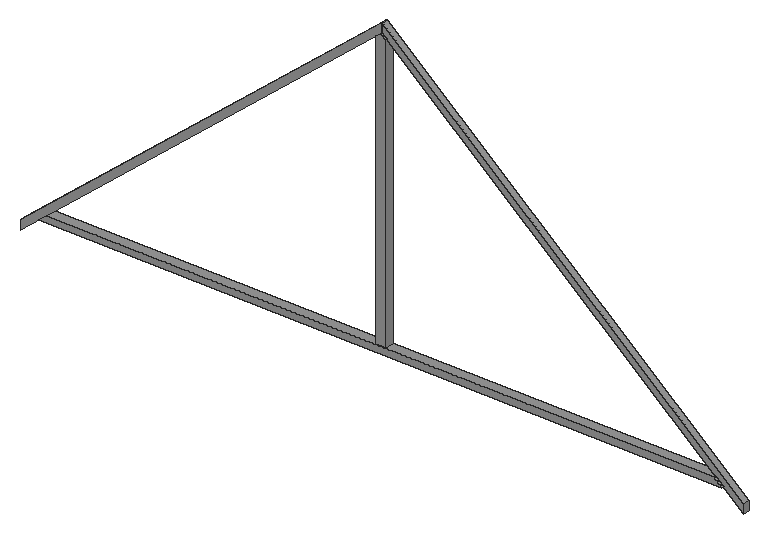
Revit family "KingPostTruss", category Structural Framing, Revit 2020
Family settings
  Section Shape = Not Defined
  Material for Model Behavior = Wood
  Always export as geometry = No
  OmniClass Number = 23.25.30.21.14
  OmniClass Title = Trussed Beams and Joists
  Work Plane-Based = No
  Always vertical = Yes
  Cut with Voids When Loaded = No
  Symbolic Representation = From Family
  Shared = No
  Show family pre-cut in plan views = Yes
Parameters
  WebWidth [instance] = 120 mm
  WebDepth [instance] = 150 mm
  T_Volume [instance] = 0.00 m³
  TopWidth [instance] = 80 mm
  Structural Material [instance] = Poche
  SpanRight [instance] = 5000 mm
  SpanLeft [instance] = 5000 mm
  Span [instance] = SpanLeft + SpanRight  # 10000 mm
  SlopeRight [instance] = 40.00°
  SlopeLeft [instance] = 40.00°
  OverhangRight [instance] = 300 mm
  OverhangLeft [instance] = 300 mm
  TopDepth [instance] = 100 mm
  BottomWidth [instance] = 150 mm
  BottomDepth [instance] = 100 mm
Reference planes
  plane 1 "Center (Front/Back)": y = 0
  plane 2: z = 0
  plane 3 "Center (Left/Right)": x = 0
  plane 4: x = -5000
  plane 5: x = 5000
  plane 6: x = 5300
  plane 7: x = -5300
  plane 8: z = 100
  plane 9: x = 75
  plane 10: x = -75
Forms (mm)
  Extrusion 1, solid, material "Cherry"
    sketch origin (0, 0, 0) x (1, 0, 0) y (0, 0, 1)
      loop
        line (-5300, -251.73) -> (0, 4195.498) -> (0, 4326.039) -> (-5300, -121.189) -> (-5300, -251.73)
    from -40 to 40
  Extrusion 2, solid, material "Cherry"
    sketch origin (0, 0, 0) x (1, 0, 0) y (0, 0, 1)
      loop
        line (5300, -251.73) -> (5300, -121.189) -> (0, 4326.039) -> (0, 4195.498) -> (5300, -251.73)
    from -40 to 40
  Extrusion 3, solid, material "Cherry"
    sketch origin (0, 0, 0) x (1, 0, 0) y (0, 0, 1)
      loop
        line (-5000, 0) -> (5000, 0) -> (4880.825, 100) -> (-4880.825, 100) -> (-5000, 0)
    from -75 to 75
  Extrusion 4, solid, material "Cherry"
    sketch origin (0, 0, 0) x (1, 0, 0) y (0, 0, 1)
      loop
        line (75, 100) -> (75, 4132.566) -> (0, 4195.498) -> (-75, 4132.566) -> (-75, 100) -> (75, 100)
    from -60 to 60
Lines and regions (mm)
  reference lines
    curve 1: line (5000, 0, 0) -> (2625.262, 0, 1992.642)
    curve 2: line (-5000, 0, 0) -> (-2318.844, 0, 2249.757)
    curve 3: line (4991.574, 0, 137.611) -> (-8.024, 0, 4332.772)
    curve 4: line (-4966.214, 0, 158.891) -> (-109.65, 0, 4234.032)
    curve 5: line (0, 40, 1939.254) -> (0, 40, -520.746)
    curve 6: line (0, -40, 1939.254) -> (0, -40, -520.746)
    curve 7: line (0, -60, 1939.254) -> (0, -60, -520.746)
    curve 8: line (0, -75, 1939.254) -> (0, -75, -520.746)
    curve 9: line (0, 60, 1939.254) -> (0, 60, -520.746)
    curve 10: line (0, 75, 1939.254) -> (0, 75, -520.746)
Dimensions and locks
  "SpanLeft": plane 3 "Center (Left/Right)" to plane 5
  "SpanRight": plane 3 "Center (Left/Right)" to plane 4
  "OverhangLeft": plane 5 to plane 6
  "OverhangRight": plane 7 to plane 4
  "BottomDepth": level to plane 8
  equal spacing: plane 10, plane 3 "Center (Left/Right)", plane 9
  "WebDepth": plane 10 to plane 9
  "TopDepth": curve 1 to curve 3
  "TopDepth": curve 4 to curve 2
  equal spacing: curve 5, curve 4, curve 6
  "TopWidth": curve 5 to curve 6
  equal spacing: curve 9, curve 4, curve 7
  "WebWidth": curve 9 to curve 7
  equal spacing: curve 10, curve 4, curve 8
  "BottomWidth": curve 10 to curve 8
  plane 5 to plane 3 "Center (Left/Right)" = 5000 mm
  plane 4 to plane 3 "Center (Left/Right)" = 5000 mm
  "SlopeLeft": angle level to curve 1
  "SlopeRight": angle curve 2 to level
  aligned and locked: plane 2 to level
  aligned and locked: Extrusion 1 sketch curve to curve 2
  aligned and locked: Extrusion 1 sketch curve to curve 4
  aligned and locked: Extrusion 1 sketch curve to curve 6
  aligned and locked: plane 7 to Extrusion 1 sketch curve
  aligned and locked: Extrusion 2 sketch curve to curve 1
  aligned and locked: Extrusion 2 sketch curve to curve 3
  aligned and locked: Extrusion 2 sketch curve to curve 6
  aligned and locked: Extrusion 2 sketch curve to plane 6
  aligned and locked: Extrusion 3 sketch curve to level
  aligned and locked: Extrusion 3 sketch curve to plane 8
  aligned and locked: Extrusion 1 to Extrusion 3 sketch curve
  aligned and locked: Extrusion 2 to Extrusion 3 sketch curve
  aligned and locked: Extrusion 2 to curve 6
  aligned and locked: Extrusion 2 to curve 5
  aligned and locked: Extrusion 1 to curve 6
  aligned and locked: Extrusion 1 to curve 5
  aligned and locked: Extrusion 3 to curve 8
  aligned and locked: curve 10 to Extrusion 3
  aligned and locked: Extrusion 4 sketch curve to plane 9
  aligned and locked: plane 10 to Extrusion 4 sketch curve
  aligned and locked: Extrusion 3 to Extrusion 4 sketch curve
  aligned and locked: Extrusion 4 sketch curve to Extrusion 2
  aligned and locked: Extrusion 1 to Extrusion 4 sketch curve
  aligned and locked: Extrusion 4 to curve 9
  aligned and locked: Extrusion 4 to curve 7
Automatic sketch dimensions
  curve 2 to level = 0 mm
  plane 4 to curve 2 = 0 mm
  curve 1 to level = 0 mm
  plane 5 to curve 1 = 0 mm
  curve 4 to plane 4 = 33.786 mm
  curve 4 to plane 10 = 34.65 mm
  curve 3 to plane 3 "Center (Left/Right)" = 8.024 mm
  plane 5 to curve 3 = 8.426 mm
  curve 10 to level = 520.746 mm
  curve 5 to curve 10 = 0 mm
  curve 8 to curve 5 = 0 mm
  curve 8 to curve 6 = 0 mm  (x2)
  curve 8 to curve 7 = 0 mm  (x2)
  curve 9 to curve 10 = 0 mm  (x2)
  plane 8 to curve 6 = 1839.254 mm
  curve 6 to curve 9 = 0 mm
  curve 5 to curve 9 = 0 mm
